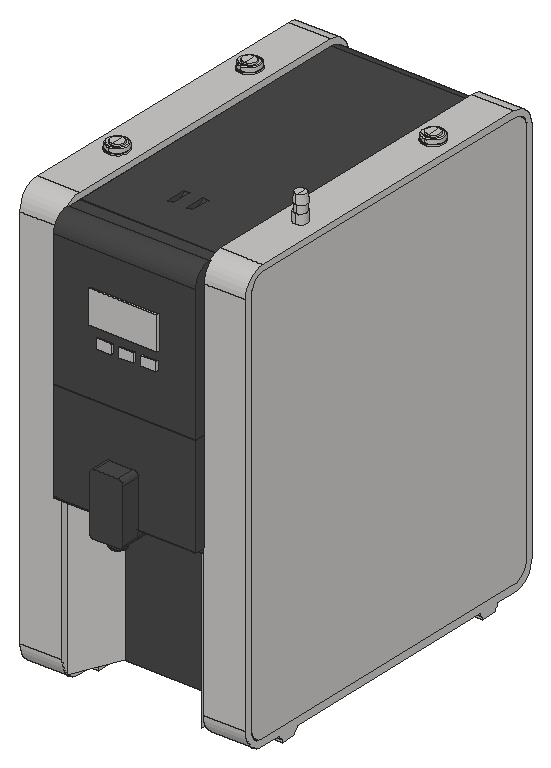
Revit family "QF_Marco_Mix_UC3", category Specialty Equipment, Revit 2019
Family settings
  Round Connector Dimension = Use Diameter
  Part Type = Normal
  Work Plane-Based = No
  Always vertical = Yes
  Cut with Voids When Loaded = No
  Shared = No
  Room Calculation Point = No
Parameters (values of type "UC3")
  Weight in Pounds = 25
  Watts = 2800 W
  Volts = 120 V
  Ventilation Remarks = ""
  URL Cutsheet = ""
  Specification by User = ""
  Specification by Manufacturer = ""
  Serial Number = ""
  Seismic Rating = ""
  SMACNA No = ""
  Revision Code = ""
  Refrigerant Volume = 0.00 kip
  Refrigerant Type = "R290"
  Plumbing Remarks = ""
  Plumbing Connection Type = ""
  Phase = 1
  Number of Poles = 1
  NAFEM Spec ID Number = ""
  Model = "MIX UC3"
  Min Ckt Ampacity = 0 A
  Max Overcurrent Protection = 0 A
  Masterspec = ""
  Manufacturer = "Marco"
  Length = 215.9 mm
  Item Number = ""
  Installed By = ""
  Identify Quantity as Lot = yes
  Hot Water Temperature = 0 °F
  Hot Water Size = 3/4"
  Hot Water RI Height = 0 mm
  Hot Water Minimum Pressure = 0.00 psi
  Hot Water Maximum Pressure = 0.00 psi
  Hot Water Flow = 0 GPM
  Hot Water Consumption = 0 GPM
  Hot Water Connection Height = 0 mm
  Height = 444.5 mm
  HP = "1/8"
  Furnished By = ""
  Foodservice Equipment Identifier = yes
  FL Amps = if(Phase = 3, Watts / (Volts * 1.73), Watts / Volts)  # 23.3333 A
  Exhaust Volume = 0 CFM
  Exhaust Vent Width = 0 mm
  Exhaust Vent Diameter = 19.1 mm
  Exhaust Vent Depth = 0 mm
  Exhaust Static Press = 0.00 in-wg
  Exhaust RI Height = 0 mm
  Electrical Remarks = ""
  Electric Connection Type = ""
  Elec Conn RI Height = 0 mm
  Elec Conn Connection Height = 0 mm
  Description = "Mix Countertop Multi-Temp Water Boilers/Push Button"
  Depth = 352.095 mm
  Cycle = 60 Hz
  Conn Plug = "NEMA L6-20P"
  Conn Conduit = yes
  Cold Water Temperature Recommended = 0 °F
  Cold Water Size = 3/4"
  Cold Water RI Height = 0 mm
  Cold Water Minimum Pressure = 0.00 psi
  Cold Water Maximum Pressure = 0.00 psi
  Cold Water Flow = 0 GPM
  Cold Water Consumption = ""
  Cold Water Connection Height = 0 mm
  Chilled Water Temperature = 0 °F
  Chilled Water Supply Size = 3/4"
  Chilled Water Supply RI Height = 0 mm
  Chilled Water Supply Connection Height = 0 mm
  Chilled Water Return Size = 3/4"
  Chilled Water Return RI Height = 0 mm
  Chilled Water Return Connection Height = 0 mm
  Chilled Water Minimum Pressure = 0.00 psi
  Chilled Water Maximum Pressure = 0.00 psi
  Chilled Water Flow = 0 GPM
  CSI MasterFormat = ""
  BTUH = 0.0 Btu/h
  Apparent Power = if(Phase = 3, Volts * FL Amps * 1.73, Volts * FL Amps)  # 2800 VA
Reference planes
  plane 1 "BACK": y = 0
  plane 2: z = 0
  plane 3 "LEFT": x = 0
  plane 4 "RIGHT": x = 215.9
  plane 5 "FRONT": y = -352.095
  plane 6 "TOP": z = 444.5
  plane 7 "Center Y": x = 107.95
  plane 8 "Center X": y = -176.047
  plane 9: y = 14.755
  plane 10: y = -369.852
  plane 11: z = 419.76
Forms (mm)
  Extrusion 1, solid, material "QF_Metal - Stainless - Polished"
    sketch origin (215.9, 0, 0) x (0, -1, 0) y (0, 0, 1)
      loop
        arc (342.095, 398.708) -> (335.93, 413.59) -> (321.047, 419.76) r 21.047
        line (321.047, 419.76) -> (21.047, 419.733)
        arc (21.047, 419.733) -> (6.165, 413.568) -> (0, 398.685) r 21.047
        line (0, 398.685) -> (0, 27.982)
        arc (0, 27.982) -> (6.153, 13.079) -> (21.047, 6.903) r 21.047
        line (21.047, 6.903) -> (41.047, 6.903) -> (41.047, 5.95)
        arc (41.047, 5.95) -> (41.926, 3.829) -> (44.047, 2.95) r 3
        line (44.047, 2.95) -> (44.047, 0) -> (58.047, 0) -> (58.047, 2.95)
        arc (58.047, 2.95) -> (60.169, 3.829) -> (61.047, 5.95) r 3
        line (61.047, 5.95) -> (61.047, 6.903) -> (281.047, 6.903) -> (281.047, 5.95)
        arc (281.047, 5.95) -> (281.926, 3.829) -> (284.047, 2.95) r 3
        line (284.047, 2.95) -> (284.047, 0) -> (298.047, 0) -> (298.047, 2.95)
        arc (298.047, 2.95) -> (300.169, 3.829) -> (301.047, 5.95) r 3
        line (301.047, 5.95) -> (301.047, 6.903) -> (321.047, 6.903)
        arc (321.047, 6.903) -> (335.932, 13.07) -> (342.095, 27.956) r 21.047
        line (342.095, 27.956) -> (342.095, 398.708)
      loop
        arc (336.437, 398.802) -> (331.946, 409.63) -> (321.108, 414.101) r 15.299
        line (321.108, 414.101) -> (20.947, 414.101)
        arc (20.947, 414.101) -> (10.132, 409.621) -> (5.652, 398.806) r 15.295
        line (5.652, 398.806) -> (5.652, 28.361)
        arc (5.652, 28.361) -> (10.134, 17.541) -> (20.954, 13.059) r 15.302
        line (20.954, 13.059) -> (321.137, 13.059)
        arc (321.137, 13.059) -> (331.956, 17.541) -> (336.437, 28.36) r 15.3
        line (336.437, 28.36) -> (336.437, 398.802)
    from 0 to 40.15
  Extrusion 2, solid, material "QF_Plastic - Black - Smooth"
    sketch origin (210.007, 0, 0) x (0, 1, 0) y (0, 0, -1)
      loop
        arc (-336.437, -398.802) -> (-331.946, -409.63) -> (-321.108, -414.101) r 15.299
        line (-321.108, -414.101) -> (-20.947, -414.101)
        arc (-20.947, -414.101) -> (-10.132, -409.621) -> (-5.652, -398.806) r 15.295
        line (-5.652, -398.806) -> (-5.652, -28.361)
        arc (-5.652, -28.361) -> (-10.134, -17.541) -> (-20.954, -13.059) r 15.302
        line (-20.954, -13.059) -> (-291.987, -13.059) -> (-291.987, -162.97) -> (-336.437, -162.97) -> (-336.437, -398.802)
    from 34.257 to 169.857
  Extrusion 3, solid, material "QF_Plastic - Black - Smooth"
    sketch origin (0, -368.121, 222.55) x (0, 0, -1) y (1, 0, 0)
      loop
        line (4.998, 89) -> (56.314, 89)
        arc (56.314, 89) -> (58.624, 89.957) -> (59.58, 92.266) r 3.266
        line (59.58, 92.266) -> (59.58, 117.723)
        arc (59.58, 117.723) -> (58.621, 120.04) -> (56.304, 121) r 3.277
        line (56.304, 121) -> (4.998, 121)
        spline (4.998, 121) -> (4.347, 120.957) -> (3.707, 120.83) -> (3.089, 120.621) -> (2.504, 120.333) -> (1.961, 119.972) -> (1.47, 119.543) -> (1.039, 119.053) -> (0.676, 118.512) -> (0.386, 117.927) -> (0.174, 117.31) -> (0.045, 116.671) -> (0, 116.02)
        line (0, 116.02) -> (0, 93.98)
        spline (0, 93.98) -> (0.045, 93.329) -> (0.174, 92.69) -> (0.386, 92.073) -> (0.676, 91.488) -> (1.039, 90.947) -> (1.47, 90.457) -> (1.961, 90.028) -> (2.504, 89.667) -> (3.089, 89.379) -> (3.707, 89.169) -> (4.347, 89.043) -> (4.998, 89)
    from 1.731 to -16.026
  Extrusion 4, solid, material "QF_Plastic - Black - Smooth"
    sketch origin (0, -368.121, 222.55) x (0, 0, -1) y (1, 0, 0)
      loop
        line (51, 89) -> (56.314, 89)
        arc (56.314, 89) -> (58.624, 89.957) -> (59.58, 92.266) r 3.266
        line (59.58, 92.266) -> (59.58, 117.723)
        arc (59.58, 117.723) -> (58.621, 120.04) -> (56.304, 121) r 3.277
        line (56.304, 121) -> (51, 121) -> (51, 89)
    from -31.684 to -16.026
  Extrusion 5, solid, material "QF_Metal - Stainless - Polished"
    sketch origin (210.007, 0, 0) x (0, 1, 0) y (0, 0, -1)
      loop
        arc (-336.437, -398.802) -> (-331.946, -409.63) -> (-321.108, -414.101) r 15.299
        line (-321.108, -414.101) -> (-20.947, -414.101)
        arc (-20.947, -414.101) -> (-10.132, -409.621) -> (-5.652, -398.806) r 15.295
        line (-5.652, -398.806) -> (-5.652, -28.361)
        arc (-5.652, -28.361) -> (-10.134, -17.541) -> (-20.954, -13.059) r 15.302
        line (-20.954, -13.059) -> (-321.137, -13.059)
        arc (-321.137, -13.059) -> (-331.956, -17.541) -> (-336.437, -28.36) r 15.3
        line (-336.437, -28.36) -> (-336.437, -398.802)
    from 34.257 to -5.893
  Extrusion 6, solid, material "QF_Metal - Stainless - Polished"
    sketch origin (0, 0, 0) x (0, 1, 0) y (0, 0, 1)
      loop
        line (-336.437, 398.802) -> (-336.437, 28.36)
        arc (-336.437, 28.36) -> (-331.956, 17.541) -> (-321.137, 13.059) r 15.3
        line (-321.137, 13.059) -> (-20.954, 13.059)
        arc (-20.954, 13.059) -> (-10.134, 17.541) -> (-5.652, 28.361) r 15.302
        line (-5.652, 28.361) -> (-5.652, 398.806)
        arc (-5.652, 398.806) -> (-10.132, 409.621) -> (-20.947, 414.101) r 15.295
        line (-20.947, 414.101) -> (-321.108, 414.101)
        arc (-321.108, 414.101) -> (-331.946, 409.63) -> (-336.437, 398.802) r 15.299
    from 40.15 to 0
  Revolve 7, solid, material "QF_Metal - Stainless - Polished"
    sketch origin (92.144, -4572, 87.307) x (0, 0, 1) y (0, -1, 0)
      loop
        line (-35.007, -4575.529) -> (-35.007, -4580.991) -> (-33.951, -4582.048) -> (-2.107, -4583.741) -> (-2.107, -4585.326) -> (0, -4585.326) -> (0, -4575.529) -> (-35.007, -4575.529)
      axis (0, -4575.529) -> (-35.007, -4575.529)
    angle from 0 to 360
  Extrusion 8, solid, material "QF_Metal - Stainless - Polished"
    sketch origin (0, 0, 0) x (0, 1, 0) y (0, 0, 1)
      loop
        line (-5.652, 141.7) -> (-5.652, 116.2) -> (4.503, 116.2)
        arc (4.503, 116.2) -> (6.624, 117.079) -> (7.503, 119.2) r 3
        line (7.503, 119.2) -> (7.503, 122.708)
        arc (7.503, 122.708) -> (7.273, 123.858) -> (6.62, 124.833) r 3
        line (6.62, 124.833) -> (3.918, 127.535)
        arc (3.918, 127.535) -> (3.331, 128.951) -> (3.919, 130.367) r 2
        line (3.919, 130.367) -> (6.619, 133.067)
        arc (6.619, 133.067) -> (7.273, 134.042) -> (7.503, 135.193) r 3
        line (7.503, 135.193) -> (7.503, 138.7)
        arc (7.503, 138.7) -> (6.624, 140.822) -> (4.503, 141.7) r 3
        line (4.503, 141.7) -> (-5.652, 141.7)
    from 153.498 to 156.861
  Extrusion 9, solid, material "QF_Metal - Stainless - Polished"
    sketch origin (0, 0, 0) x (0, 1, 0) y (0, 0, 1)
      loop
        line (-342.095, 398.708) -> (-342.095, 27.956)
        arc (-342.095, 27.956) -> (-335.932, 13.07) -> (-321.047, 6.903) r 21.047
        line (-321.047, 6.903) -> (-301.047, 6.903) -> (-301.047, 5.95)
        arc (-301.047, 5.95) -> (-300.169, 3.829) -> (-298.047, 2.95) r 3
        line (-298.047, 2.95) -> (-298.047, 0) -> (-284.047, 0) -> (-284.047, 2.95)
        arc (-284.047, 2.95) -> (-281.926, 3.829) -> (-281.047, 5.95) r 3
        line (-281.047, 5.95) -> (-281.047, 6.903) -> (-61.047, 6.903) -> (-61.047, 5.95)
        arc (-61.047, 5.95) -> (-60.169, 3.829) -> (-58.047, 2.95) r 3
        line (-58.047, 2.95) -> (-58.047, 0) -> (-44.047, 0) -> (-44.047, 2.95)
        arc (-44.047, 2.95) -> (-41.926, 3.829) -> (-41.047, 5.95) r 3
        line (-41.047, 5.95) -> (-41.047, 6.903) -> (-21.047, 6.903)
        arc (-21.047, 6.903) -> (-6.153, 13.079) -> (0, 27.982) r 21.047
        line (0, 27.982) -> (0, 398.685)
        arc (0, 398.685) -> (-6.165, 413.568) -> (-21.047, 419.733) r 21.047
        line (-21.047, 419.733) -> (-321.047, 419.76)
        arc (-321.047, 419.76) -> (-335.93, 413.59) -> (-342.095, 398.708) r 21.047
      loop
        line (-336.437, 398.802) -> (-336.437, 28.36)
        arc (-336.437, 28.36) -> (-331.956, 17.541) -> (-321.137, 13.059) r 15.3
        line (-321.137, 13.059) -> (-20.954, 13.059)
        arc (-20.954, 13.059) -> (-10.134, 17.541) -> (-5.652, 28.361) r 15.302
        line (-5.652, 28.361) -> (-5.652, 398.806)
        arc (-5.652, 398.806) -> (-10.132, 409.621) -> (-20.947, 414.101) r 15.295
        line (-20.947, 414.101) -> (-321.108, 414.101)
        arc (-321.108, 414.101) -> (-331.946, 409.63) -> (-336.437, 398.802) r 15.299
    from 0 to 40.15
  Revolve 10, solid, material "QF_Plastic - Black - Smooth"
    sketch origin (105.004, 0, 0) x (0, 1, 0) y (0, 0, 1)
      loop
        line (-355.847, 154.75) -> (-355.847, 167.647) -> (-365.792, 167.647) -> (-363.347, 158.525) -> (-363.347, 155.508)
        arc (-363.347, 155.508) -> (-363.126, 154.972) -> (-362.59, 154.75) r 0.757
        line (-362.59, 154.75) -> (-355.847, 154.75)
      axis (-355.847, 154.75) -> (-355.847, 167.647)
    angle from 0 to 360
  Extrusion 11, solid, material "QF_Metal - Stainless - Polished"
    sketch origin (0, 0, 0) x (1, 0, 0) y (0, 1, 0)
      loop
        line (40.257, -336.318) -> (60.215, -291.987) -> (40.257, -291.987) -> (40.257, -336.318)
      loop
        line (169.75, -336.318) -> (169.75, -291.987) -> (149.792, -291.987) -> (169.75, -336.318)
    from 162.97 to 13.059
  Extrusion 12, solid, material "QF_Metal - Stainless - Polished"
    sketch origin (210.007, 15.516, 28.361) x (0, 0, 1) y (1, 0, 0)
      loop
        line (108.689, -157.509) -> (108.689, -103.756)
        arc (108.689, -103.756) -> (106.829, -99.265) -> (102.339, -97.406) r 6.35
        line (102.339, -97.406) -> (64.946, -97.406)
        arc (64.946, -97.406) -> (60.456, -99.265) -> (58.596, -103.756) r 6.35
        line (58.596, -103.756) -> (58.596, -157.509)
        arc (58.596, -157.509) -> (60.456, -161.999) -> (64.946, -163.859) r 6.35
        line (64.946, -163.859) -> (102.339, -163.859)
        arc (102.339, -163.859) -> (106.829, -161.999) -> (108.689, -157.509) r 6.35
      loop
        line (100.089, -156.756) -> (100.089, -135.76)
        arc (100.089, -135.76) -> (99.505, -134.344) -> (98.09, -133.757) r 2
        line (98.09, -133.757) -> (70.088, -133.757)
        arc (70.088, -133.757) -> (68.674, -134.344) -> (68.089, -135.757) r 2
        line (68.089, -135.757) -> (68.089, -156.757)
        arc (68.089, -156.757) -> (68.675, -158.171) -> (70.089, -158.757) r 2
        line (70.089, -158.757) -> (98.089, -158.757)
        arc (98.089, -158.757) -> (99.503, -158.171) -> (100.089, -156.756) r 2.001
    from -21.168 to -0.76
  Extrusion 13, solid, material "QF_Metal - Stainless - Polished"
    sketch origin (210.007, 15.516, 28.361) x (0, 0, 1) y (1, 0, 0)
      loop
        line (100.089, -156.756) -> (100.089, -135.76)
        arc (100.089, -135.76) -> (99.505, -134.344) -> (98.09, -133.757) r 2
        line (98.09, -133.757) -> (70.088, -133.757)
        arc (70.088, -133.757) -> (68.674, -134.344) -> (68.089, -135.757) r 2
        line (68.089, -135.757) -> (68.089, -156.757)
        arc (68.089, -156.757) -> (68.675, -158.171) -> (70.089, -158.757) r 2
        line (70.089, -158.757) -> (98.089, -158.757)
        arc (98.089, -158.757) -> (99.503, -158.171) -> (100.089, -156.756) r 2.001
    from -21.168 to -0.76
  Extrusion 14, solid, material "QF_Metal - Stainless - Polished"
    sketch origin (0, -5.652, 141.7) x (0, 0, -1) y (1, 0, 0)
      loop
        circle (12.75, 155) r 13.963
    from 0 to -3.175
  Extrusion 15, void
    sketch origin (186.988, 0, -172.237) x (0, 1, 0) y (0, 0, -1)
      loop
        line (-281.35, -586.338) -> (-262.3, -586.338)
        arc (-262.3, -586.338) -> (-271.825, -581.762) -> (-281.35, -586.338) r 12.201
    from 70.258 to 75.566
  Revolve 16, solid, material "QF_Metal - Stainless - Polished"
    sketch origin (195.825, -4413.518, 414.101) x (0, 0, -1) y (0, 1, 0)
      loop
        line (-12.523, 4320.953) -> (-12.523, 4314.571) -> (-11.495, 4314.571) -> (-11.495, 4311.953) -> (-10.567, 4311.024) -> (-7.213, 4311.024) -> (-6.513, 4310.453) -> (-5.66, 4310.453) -> (-5.66, 4320.953) -> (-12.523, 4320.953)
      axis (-5.66, 4320.953) -> (-12.523, 4320.953)
    angle from 0 to 360
  Revolve 17, solid, material "QF_Metal - Stainless - Polished"
    sketch origin (20.075, -4413.518, 414.101) x (0, 0, -1) y (0, -1, 0)
      loop
        line (-12.523, -4320.953) -> (-5.66, -4320.953) -> (-5.66, -4310.453) -> (-6.513, -4310.453) -> (-7.213, -4311.024) -> (-10.567, -4311.024) -> (-11.495, -4311.953) -> (-11.495, -4314.571) -> (-12.523, -4314.571) -> (-12.523, -4320.953)
      axis (-5.66, -4320.953) -> (-12.523, -4320.953)
    angle from 0 to 360
  Revolve 18, solid, material "QF_Metal - Stainless - Polished"
    sketch origin (195.825, -4572, 414.101) x (0, 0, -1) y (0, 1, 0)
      loop
        line (-30.399, 4315.453) -> (-22.399, 4314.753) -> (-22.399, 4315.651) -> (-14.399, 4315.651) -> (-14.399, 4314.603) -> (-5.66, 4314.603) -> (-5.66, 4320.953) -> (-30.399, 4320.953) -> (-30.399, 4315.453)
      axis (-5.66, 4320.953) -> (-30.399, 4320.953)
    angle from 0 to 360
  Revolve 19, solid, material "QF_Metal - Stainless - Polished"
    sketch origin (20.075, -4572, 414.101) x (0, 0, -1) y (0, -1, 0)
      loop
        line (-12.523, -4320.953) -> (-5.66, -4320.953) -> (-5.66, -4310.453) -> (-6.513, -4310.453) -> (-7.213, -4311.024) -> (-10.567, -4311.024) -> (-11.495, -4311.953) -> (-11.495, -4314.571) -> (-12.523, -4314.571) -> (-12.523, -4320.953)
      axis (-5.66, -4320.953) -> (-12.523, -4320.953)
    angle from 0 to 360
  Extrusion 20, solid, material "QF_Plastic - Black - Smooth"
    sketch origin (210.007, 0, -172.237) x (0, 1, 0) y (0, 0, -1)
      loop
        arc (-321.108, -586.338) -> (-331.946, -581.868) -> (-336.437, -571.039) r 15.299
        line (-336.437, -571.039) -> (-336.437, -441.55) -> (-352.095, -441.55) -> (-352.095, -569.95)
        arc (-352.095, -569.95) -> (-347.116, -581.971) -> (-335.095, -586.95) r 17
        line (-335.095, -586.95) -> (-321.108, -586.338)
      loop
        line (-352.095, -440.448) -> (-336.437, -440.448) -> (-336.437, -343.273) -> (-351.18, -343.788)
        arc (-351.18, -343.788) -> (-351.829, -344.077) -> (-352.095, -344.735) r 0.948
        line (-352.095, -344.735) -> (-352.095, -440.448)
    from 169.857 to 34.257
  Extrusion 21, void
    sketch origin (23.019, 0, -172.237) x (0, 1, 0) y (0, 0, 1)
      loop
        arc (-281.35, 586.338) -> (-271.825, 581.762) -> (-262.3, 586.338) r 12.201
        line (-262.3, 586.338) -> (-281.35, 586.338)
    from 70.258 to 75.566
  Extrusion 22, solid, material "QF_Metal - Stainless - Polished Brushed"
    sketch origin (210.007, -352.095, -325.164) x (0, 0, 1) y (-1, 0, 0)
      loop
        line (690.077, 134.607) -> (657.986, 134.607) -> (657.986, 69.623) -> (690.077, 69.623) -> (690.077, 134.607)
      loop
        line (649.435, 113.507) -> (649.435, 127.125)
        spline (649.435, 127.125) -> (649.43, 127.19) -> (649.417, 127.254) -> (649.396, 127.315) -> (649.367, 127.374) -> (649.33, 127.428) -> (649.287, 127.477) -> (649.238, 127.52) -> (649.184, 127.556) -> (649.125, 127.584) -> (649.063, 127.605) -> (648.999, 127.618) -> (648.934, 127.622)
        line (648.934, 127.622) -> (640.819, 127.622)
        spline (640.819, 127.622) -> (640.754, 127.618) -> (640.69, 127.605) -> (640.628, 127.584) -> (640.569, 127.555) -> (640.515, 127.519) -> (640.465, 127.476) -> (640.422, 127.427) -> (640.386, 127.372) -> (640.357, 127.314) -> (640.336, 127.252) -> (640.323, 127.188) -> (640.319, 127.122)
        line (640.319, 127.122) -> (640.319, 113.507)
        spline (640.319, 113.507) -> (640.323, 113.441) -> (640.336, 113.377) -> (640.357, 113.315) -> (640.386, 113.257) -> (640.422, 113.202) -> (640.465, 113.153) -> (640.515, 113.11) -> (640.569, 113.074) -> (640.628, 113.045) -> (640.69, 113.024) -> (640.754, 113.011) -> (640.819, 113.007)
        line (640.819, 113.007) -> (648.935, 113.007)
        spline (648.935, 113.007) -> (649, 113.011) -> (649.064, 113.024) -> (649.126, 113.045) -> (649.185, 113.074) -> (649.239, 113.11) -> (649.288, 113.153) -> (649.331, 113.202) -> (649.368, 113.257) -> (649.396, 113.315) -> (649.417, 113.377) -> (649.43, 113.441) -> (649.435, 113.507)
      loop
        line (649.435, 92.307) -> (649.435, 105.925)
        spline (649.435, 105.925) -> (649.43, 105.99) -> (649.417, 106.054) -> (649.396, 106.115) -> (649.367, 106.174) -> (649.33, 106.228) -> (649.287, 106.277) -> (649.238, 106.32) -> (649.184, 106.356) -> (649.125, 106.384) -> (649.064, 106.405) -> (649, 106.418) -> (648.935, 106.422)
        line (648.935, 106.422) -> (640.819, 106.422)
        spline (640.819, 106.422) -> (640.754, 106.418) -> (640.69, 106.405) -> (640.628, 106.384) -> (640.569, 106.355) -> (640.515, 106.319) -> (640.465, 106.276) -> (640.422, 106.227) -> (640.386, 106.172) -> (640.357, 106.114) -> (640.336, 106.052) -> (640.323, 105.988) -> (640.319, 105.922)
        line (640.319, 105.922) -> (640.319, 92.307)
        spline (640.319, 92.307) -> (640.323, 92.241) -> (640.336, 92.177) -> (640.357, 92.115) -> (640.386, 92.057) -> (640.422, 92.002) -> (640.465, 91.953) -> (640.515, 91.91) -> (640.569, 91.874) -> (640.628, 91.845) -> (640.69, 91.824) -> (640.754, 91.811) -> (640.819, 91.807)
        line (640.819, 91.807) -> (648.935, 91.807)
        spline (648.935, 91.807) -> (649, 91.811) -> (649.064, 91.824) -> (649.126, 91.845) -> (649.185, 91.874) -> (649.239, 91.91) -> (649.288, 91.953) -> (649.331, 92.002) -> (649.368, 92.057) -> (649.397, 92.115) -> (649.418, 92.177) -> (649.43, 92.241) -> (649.435, 92.307)
      loop
        line (649.435, 71.107) -> (649.435, 84.725)
        spline (649.435, 84.725) -> (649.43, 84.79) -> (649.417, 84.854) -> (649.396, 84.915) -> (649.367, 84.974) -> (649.33, 85.028) -> (649.287, 85.077) -> (649.238, 85.12) -> (649.184, 85.156) -> (649.125, 85.184) -> (649.064, 85.205) -> (649, 85.218) -> (648.935, 85.222)
        line (648.935, 85.222) -> (640.819, 85.222)
        spline (640.819, 85.222) -> (640.754, 85.218) -> (640.69, 85.205) -> (640.628, 85.184) -> (640.569, 85.155) -> (640.515, 85.119) -> (640.465, 85.076) -> (640.422, 85.027) -> (640.386, 84.972) -> (640.357, 84.914) -> (640.336, 84.852) -> (640.323, 84.787) -> (640.319, 84.722)
        line (640.319, 84.722) -> (640.319, 71.107)
        spline (640.319, 71.107) -> (640.323, 71.041) -> (640.336, 70.977) -> (640.357, 70.915) -> (640.386, 70.857) -> (640.422, 70.802) -> (640.465, 70.753) -> (640.514, 70.71) -> (640.569, 70.674) -> (640.627, 70.645) -> (640.689, 70.624) -> (640.753, 70.611) -> (640.819, 70.607)
        line (640.819, 70.607) -> (648.935, 70.607)
        spline (648.935, 70.607) -> (649, 70.611) -> (649.064, 70.624) -> (649.126, 70.645) -> (649.185, 70.674) -> (649.239, 70.71) -> (649.288, 70.753) -> (649.331, 70.802) -> (649.368, 70.857) -> (649.396, 70.915) -> (649.417, 70.977) -> (649.43, 71.041) -> (649.435, 71.107)
    from 0 to 1.6
  Extrusion 23, solid, material "QF_Metal - Stainless - Polished"
    sketch origin (210.007, -291.987, 162.97) x (0, 0, -1) y (1, 0, 0)
      loop
        line (11.637, -61.88) -> (0, -54.322) -> (0, -105.004) -> (0, -151) -> (11.637, -143.442) -> (11.637, -105.004) -> (11.637, -61.88)
      loop
        circle (6.039, -65.684) r 2.591
      loop
        circle (6.039, -138.431) r 2.591
    from 0 to 3.175
Cuts and joins
  Extrusion 15, Extrusion 21 cuts Extrusion 2
Lines and regions (mm)
  symbolic lines
    curve 1: line (0, 0, 0) -> (40.15, 0, 0)
    curve 2: line (0, -342.095, 0) -> (0, 0, 0)
    curve 3: line (40.15, -342.095, 0) -> (0, -342.095, 0)
    curve 4: line (40.15, 0, 0) -> (40.15, -342.095, 0)
    curve 5: line (172.804, -342.095, 0) -> (215.9, -342.095, 0)
    curve 6: line (172.804, 0, 0) -> (172.804, -342.095, 0)
    curve 7: line (215.9, 0, 0) -> (172.804, 0, 0)
    curve 8: line (215.9, -342.095, 0) -> (215.9, 0, 0)
    curve 9: line (40.15, -342.095, 0) -> (40.15, -352.095, 0)
    curve 10: line (172.804, -342.095, 0) -> (172.804, -352.095, 0)
    curve 11: line (40.15, -352.095, 0) -> (172.804, -352.095, 0)
    curve 12: line (40.15, -321.137, 0) -> (172.804, -321.137, 0)
    curve 13: line (96.223, -262.3, 0) -> (101.531, -262.3, 0)
    curve 14: line (96.223, -281.35, 0) -> (96.223, -262.3, 0)
    curve 15: line (101.531, -281.35, 0) -> (96.223, -281.35, 0)
    curve 16: line (101.531, -262.3, 0) -> (101.531, -281.35, 0)
    curve 17: line (114.369, -262.3, 0) -> (119.677, -262.3, 0)
    curve 18: line (114.369, -281.35, 0) -> (114.369, -262.3, 0)
    curve 19: line (119.677, -281.35, 0) -> (114.369, -281.35, 0)
    curve 20: line (119.677, -262.3, 0) -> (119.677, -281.35, 0)
    curve 21: line (40.15, -335.095, 0) -> (172.804, -335.095, 0)
    curve 22: line (40.15, -5.652, 0) -> (172.804, -5.652, 0)
    curve 23: line (91.946, -369.852, 0) -> (91.946, -353.695, 0)
    curve 24: line (91.946, -369.852, 0) -> (123.946, -369.852, 0)
    curve 25: line (123.946, -369.852, 0) -> (123.946, -353.695, 0)
    curve 26: line (78.346, -353.695, 0) -> (137.438, -353.695, 0)
    curve 27: line (137.438, -353.695, 0) -> (137.438, -352.095, 0)
    curve 28: line (78.346, -353.695, 0) -> (78.346, -352.095, 0)
    curve 29: circle (20.075, -251.047, 0) r 9.928 normal (0, 0, 1)
    curve 30: circle (195.825, -251.047, 0) r 6.35 normal (0, 0, 1)
    curve 31: circle (20.075, -92.566, 0) r 10.5 normal (0, 0, 1)
    curve 32: circle (195.825, -92.566, 0) r 10.5 normal (0, 0, 1)
    curve 33: line (46.148, 14.755, 0) -> (115.548, 14.755, 0)
    curve 34: line (115.548, 14.755, 0) -> (115.548, -5.652, 0)
    curve 35: line (46.148, 14.755, 0) -> (46.148, -5.652, 0)
    curve 36: line (143.983, -2.477, 0) -> (171.91, -2.477, 0)
    curve 37: line (171.91, -2.477, 0) -> (171.91, -5.652, 0)
    curve 38: line (143.983, -2.477, 0) -> (143.983, -5.652, 0)
    curve 39: line (156.445, 7.503, 0) -> (156.445, -2.477, 0)
    curve 40: line (159.808, 7.503, 0) -> (159.808, -2.477, 0)
    curve 41: line (156.445, 7.503, 0) -> (159.808, 7.503, 0)
Dimensions and locks
  equal spacing: plane 3 "LEFT", plane 7 "Center Y", plane 4 "RIGHT"
  "Length": plane 3 "LEFT" to plane 4 "RIGHT"
  equal spacing: plane 5 "FRONT", plane 8 "Center X", plane 1 "BACK"
  "Depth": plane 5 "FRONT" to plane 1 "BACK"
  "Height": plane 6 "TOP" to level
  plane 10 to plane 9 = 384.607 mm
  plane 4 "RIGHT" to plane 3 "LEFT" = 215.9 mm
  aligned and locked: plane 2 to level
Automatic sketch dimensions
  curve 3 to plane 3 "LEFT" = 0 mm
  plane 5 "FRONT" to curve 11 = 0 mm
  curve 35 to plane 9 = 0 mm
  curve 24 to plane 10 = 0 mm
  curve 8 to plane 4 "RIGHT" = 0 mm
  plane 3 "LEFT" to curve 29 = 20.075 mm
  plane 3 "LEFT" to curve 31 = 20.075 mm
  curve 4 to plane 1 "BACK" = 0 mm
  plane 3 "LEFT" to curve 4 = 40.15 mm
  curve 1 to curve 35 = 5.998 mm
  plane 5 "FRONT" to curve 28 = 1.6 mm
  curve 28 to plane 7 "Center Y" = 29.604 mm
  curve 24 to plane 7 "Center Y" = 16.004 mm
  curve 14 to plane 7 "Center Y" = 11.727 mm
  curve 14 to curve 15 = 5.308 mm
  plane 7 "Center Y" to curve 17 = 6.419 mm
  plane 7 "Center Y" to curve 34 = 7.598 mm
  curve 18 to curve 19 = 5.308 mm
  plane 7 "Center Y" to curve 25 = 15.996 mm
  curve 25 to curve 26 = 13.491 mm
  plane 1 "BACK" to curve 36 = 2.477 mm
  curve 34 to curve 36 = 28.435 mm
  curve 36 to curve 37 = 27.926 mm
  curve 6 to plane 1 "BACK" = 0 mm
  curve 36 to curve 6 = 0.894 mm
  plane 4 "RIGHT" to curve 32 = 20.075 mm
  plane 4 "RIGHT" to curve 30 = 20.075 mm
  curve 9 to plane 5 "FRONT" = 10 mm
  curve 10 to plane 5 "FRONT" = 10 mm
  curve 20 to plane 5 "FRONT" = 70.744 mm
  curve 16 to curve 18 = 0 mm
  curve 19 to curve 17 = 19.05 mm
  curve 14 to curve 17 = 0 mm
  curve 17 to curve 30 = 11.253 mm
  curve 13 to curve 29 = 11.253 mm
  plane 8 "Center X" to curve 32 = 83.482 mm
  plane 8 "Center X" to curve 31 = 83.482 mm
  curve 39 to plane 9 = 7.253 mm
  curve 36 to curve 39 = 12.462 mm
  curve 39 to curve 40 = 3.363 mm
  curve 5 to curve 21 = 7 mm
  curve 21 to curve 12 = 13.958 mm
  plane 1 "BACK" to curve 35 = 5.652 mm
  Extrusion 2 sketch curve to plane 5 "FRONT" = 15.658 mm
  Extrusion 2 sketch curve to Extrusion 2 sketch curve = 15.299 mm
  Extrusion 2 sketch curve to Extrusion 2 sketch curve = 0.03 mm
  Extrusion 2 sketch curve to Extrusion 2 sketch curve = 44.45 mm
  plane 1 "BACK" to Extrusion 2 sketch curve = 20.954 mm
  plane 1 "BACK" to Extrusion 2 sketch curve = 20.947 mm
  plane 1 "BACK" to Extrusion 2 sketch curve = 5.652 mm
  Extrusion 2 sketch curve to plane 6 "TOP" = 30.399 mm
  level to Extrusion 2 sketch curve = 162.97 mm
  level to Extrusion 2 sketch curve = 28.361 mm
  plane 7 "Center Y" to Extrusion 3 sketch curve = 8.07 mm
  Extrusion 3 sketch curve to plane 6 "TOP" = 221.95 mm
  plane 7 "Center Y" to Extrusion 3 sketch curve = 9.773 mm
  Extrusion 3 sketch curve to Extrusion 3 sketch curve = 56.304 mm
  Extrusion 3 sketch curve to Extrusion 3 sketch curve = 0.011 mm
  Extrusion 3 sketch curve to Extrusion 3 sketch curve = 3.277 mm
  Extrusion 3 sketch curve to plane 7 "Center Y" = 13.97 mm
  Extrusion 3 sketch curve to plane 7 "Center Y" = 15.684 mm
  Extrusion 3 sketch curve to Extrusion 3 sketch curve = 4.998 mm  (x2)
  Extrusion 3 sketch curve to Extrusion 3 sketch curve = 0 mm  (x2)
  Extrusion 3 sketch curve to Extrusion 3 sketch curve = 0.003 mm  (x2)
  plane 7 "Center Y" to Extrusion 3 sketch curve = 4.51 mm
  Extrusion 3 sketch curve to Extrusion 3 sketch curve = 3.538 mm  (x2)
  Extrusion 3 sketch curve to Extrusion 3 sketch curve = 8.54 mm
  Extrusion 4 sketch curve to plane 7 "Center Y" = 18.95 mm
  level to Extrusion 4 sketch curve = 171.55 mm
  Extrusion 4 sketch curve to Extrusion 4 sketch curve = 5.304 mm
  Extrusion 4 sketch curve to Extrusion 4 sketch curve = 5.314 mm
  Extrusion 4 sketch curve to Extrusion 4 sketch curve = 3.277 mm
  plane 7 "Center Y" to Extrusion 4 sketch curve = 9.773 mm
  Extrusion 5 sketch curve to plane 5 "FRONT" = 15.658 mm
  Extrusion 5 sketch curve to Extrusion 5 sketch curve = 15.299 mm
  level to Extrusion 5 sketch curve = 13.059 mm
  Extrusion 5 sketch curve to Extrusion 5 sketch curve = 15.3 mm
  Extrusion 5 sketch curve to Extrusion 5 sketch curve = 0.03 mm
  plane 1 "BACK" to Extrusion 5 sketch curve = 20.954 mm
  plane 1 "BACK" to Extrusion 5 sketch curve = 20.947 mm
  plane 1 "BACK" to Extrusion 5 sketch curve = 5.652 mm
  Extrusion 5 sketch curve to plane 6 "TOP" = 45.698 mm
  Extrusion 6 sketch curve to plane 5 "FRONT" = 15.658 mm
  Extrusion 6 sketch curve to Extrusion 6 sketch curve = 15.299 mm
  level to Extrusion 6 sketch curve = 13.059 mm
  Extrusion 6 sketch curve to Extrusion 6 sketch curve = 15.3 mm
  Extrusion 6 sketch curve to Extrusion 6 sketch curve = 0.03 mm
  plane 1 "BACK" to Extrusion 6 sketch curve = 20.954 mm
  plane 1 "BACK" to Extrusion 6 sketch curve = 20.947 mm
  plane 1 "BACK" to Extrusion 6 sketch curve = 5.652 mm
  Extrusion 6 sketch curve to plane 6 "TOP" = 45.698 mm
  Revolve 7 sketch curve to plane 1 "BACK" = 3.529 mm
  level to Revolve 7 sketch curve = 52.3 mm
  Revolve 7 sketch curve to plane 9 = 4.708 mm
  Revolve 7 sketch curve to Revolve 7 sketch curve = 1.056 mm  (x2)
  Revolve 7 sketch curve to plane 9 = 3.014 mm
  Revolve 7 sketch curve to Revolve 7 sketch curve = 31.844 mm
  Revolve 7 sketch curve to Revolve 7 sketch curve = 2.107 mm
  Revolve 7 sketch curve to plane 9 = 1.429 mm
  Revolve 7 sketch curve to Revolve 7 sketch curve = 0 mm  (x2)
  Revolve 7 sketch curve to Revolve 7 sketch curve = 3.604 mm
  plane 1 "BACK" to Extrusion 8 sketch curve = 5.652 mm
  Extrusion 8 sketch curve to plane 1 "BACK" = 3.918 mm
  Extrusion 8 sketch curve to Extrusion 8 sketch curve = 0.001 mm
  Extrusion 8 sketch curve to plane 1 "BACK" = 4.503 mm  (x2)
  Extrusion 8 sketch curve to Extrusion 8 sketch curve = 0 mm  (x10)
  Extrusion 8 sketch curve to Extrusion 8 sketch curve = 1.413 mm
  Extrusion 8 sketch curve to Extrusion 8 sketch curve = 2.116 mm
  Extrusion 8 sketch curve to Extrusion 8 sketch curve = 2.118 mm
  level to Extrusion 8 sketch curve = 116.2 mm
  Extrusion 8 sketch curve to Extrusion 8 sketch curve = 3 mm  (x4)
  Extrusion 8 sketch curve to Extrusion 8 sketch curve = 3.507 mm  (x2)
  Extrusion 8 sketch curve to Extrusion 8 sketch curve = 2.125 mm
  Extrusion 8 sketch curve to Extrusion 8 sketch curve = 2.702 mm
  Extrusion 8 sketch curve to Extrusion 8 sketch curve = 1.415 mm
  Extrusion 8 sketch curve to Extrusion 8 sketch curve = 2.7 mm
  Extrusion 8 sketch curve to Extrusion 8 sketch curve = 2.126 mm
  Extrusion 9 sketch curve to level = 0 mm  (x2)
  Extrusion 9 sketch curve to plane 5 "FRONT" = 10 mm
  Extrusion 9 sketch curve to Extrusion 9 sketch curve = 5.658 mm
  Extrusion 9 sketch curve to Extrusion 9 sketch curve = 15.299 mm
  level to Extrusion 9 sketch curve = 13.059 mm
  Extrusion 9 sketch curve to Extrusion 9 sketch curve = 15.3 mm
  Extrusion 9 sketch curve to Extrusion 9 sketch curve = 0.03 mm
  Extrusion 9 sketch curve to Extrusion 9 sketch curve = 0.09 mm
  Extrusion 9 sketch curve to Extrusion 9 sketch curve = 0.091 mm
  level to Extrusion 9 sketch curve = 6.903 mm  (x2)
  Extrusion 9 sketch curve to Extrusion 9 sketch curve = 20 mm  (x2)
  Extrusion 9 sketch curve to Extrusion 9 sketch curve = 3 mm  (x4)
  Extrusion 9 sketch curve to Extrusion 9 sketch curve = 14 mm  (x2)
  plane 1 "BACK" to Extrusion 9 sketch curve = 61.047 mm
  level to Extrusion 9 sketch curve = 5.95 mm
  plane 1 "BACK" to Extrusion 9 sketch curve = 21.047 mm
  Extrusion 9 sketch curve to Extrusion 9 sketch curve = 0.093 mm
  Extrusion 9 sketch curve to Extrusion 9 sketch curve = 0.1 mm
  plane 1 "BACK" to Extrusion 9 sketch curve = 5.652 mm
  Extrusion 9 sketch curve to plane 1 "BACK" = 0 mm
  level to Extrusion 9 sketch curve = 2.95 mm  (x3)
  Extrusion 9 sketch curve to Extrusion 9 sketch curve = 6.156 mm
  Extrusion 9 sketch curve to Extrusion 9 sketch curve = 0.411 mm
  Extrusion 9 sketch curve to Extrusion 9 sketch curve = 0.409 mm
  Extrusion 9 sketch curve to plane 6 "TOP" = 45.815 mm
  Extrusion 9 sketch curve to plane 6 "TOP" = 45.792 mm
  Extrusion 9 sketch curve to Extrusion 9 sketch curve = 0.094 mm
  Extrusion 9 sketch curve to Extrusion 9 sketch curve = 0 mm  (x2)
  Extrusion 9 sketch curve to Extrusion 9 sketch curve = 0.005 mm
  plane 10 to Revolve 10 sketch curve = 4.06 mm
  plane 10 to Revolve 10 sketch curve = 6.504 mm
  Revolve 10 sketch curve to Revolve 10 sketch curve = 0.757 mm
  plane 5 "FRONT" to Revolve 10 sketch curve = 3.753 mm
  level to Revolve 10 sketch curve = 154.75 mm
  Revolve 10 sketch curve to Revolve 10 sketch curve = 3.018 mm
  Revolve 10 sketch curve to Revolve 10 sketch curve = 9.122 mm
  Revolve 10 sketch curve to Revolve 10 sketch curve = 0 mm  (x2)
  Revolve 10 sketch curve to Revolve 10 sketch curve = 5.635 mm
  Extrusion 11 sketch curve to plane 5 "FRONT" = 15.777 mm  (x2)
  plane 3 "LEFT" to Extrusion 11 sketch curve = 40.257 mm
  Extrusion 11 sketch curve to Extrusion 11 sketch curve = 19.958 mm  (x2)
  plane 7 "Center Y" to Extrusion 11 sketch curve = 41.842 mm
  Extrusion 11 sketch curve to Extrusion 11 sketch curve = 44.331 mm  (x2)
  level to Extrusion 12 sketch curve = 86.957 mm
  plane 7 "Center Y" to Extrusion 12 sketch curve = 4.652 mm
  Extrusion 12 sketch curve to Extrusion 12 sketch curve = 6.35 mm  (x2)
  Extrusion 12 sketch curve to Extrusion 12 sketch curve = 3.143 mm
  Extrusion 12 sketch curve to Extrusion 12 sketch curve = 1.998 mm
  Extrusion 12 sketch curve to Extrusion 12 sketch curve = 2 mm  (x4)
  Extrusion 12 sketch curve to Extrusion 12 sketch curve = 0.001 mm  (x2)
  Extrusion 12 sketch curve to Extrusion 12 sketch curve = 28 mm
  Extrusion 12 sketch curve to Extrusion 12 sketch curve = 0 mm
  Extrusion 12 sketch curve to Extrusion 12 sketch curve = 2.25 mm
  Extrusion 12 sketch curve to Extrusion 12 sketch curve = 4.249 mm
  Extrusion 12 sketch curve to plane 7 "Center Y" = 1.698 mm
  Extrusion 12 sketch curve to Extrusion 12 sketch curve = 30.002 mm
  Extrusion 12 sketch curve to Extrusion 12 sketch curve = 20.996 mm
  Extrusion 12 sketch curve to Extrusion 12 sketch curve = 0.752 mm
  level to Extrusion 13 sketch curve = 96.45 mm
  Extrusion 13 sketch curve to Extrusion 13 sketch curve = 1.998 mm
  Extrusion 13 sketch curve to Extrusion 13 sketch curve = 2 mm  (x3)
  Extrusion 13 sketch curve to Extrusion 13 sketch curve = 28 mm
  Extrusion 13 sketch curve to Extrusion 13 sketch curve = 0 mm
  Extrusion 13 sketch curve to Extrusion 13 sketch curve = 0.001 mm
  Extrusion 13 sketch curve to Extrusion 13 sketch curve = 2.001 mm
  plane 3 "LEFT" to Extrusion 13 sketch curve = 51.25 mm
  Extrusion 13 sketch curve to Extrusion 13 sketch curve = 20.996 mm
  Extrusion 13 sketch curve to Extrusion 13 sketch curve = 21 mm
  Extrusion 8 to Extrusion 14 sketch curve = 1.502 mm
  Extrusion 8 to Extrusion 14 sketch curve = 12.75 mm
  Extrusion 15 sketch curve to plane 6 "TOP" = 30.399 mm
  Extrusion 15 sketch curve to plane 5 "FRONT" = 70.744 mm
  Extrusion 15 sketch curve to Extrusion 15 sketch curve = 9.525 mm
  Extrusion 15 sketch curve to Extrusion 15 sketch curve = 7.626 mm
  Revolve 16 sketch curve to plane 6 "TOP" = 17.876 mm
  Revolve 16 sketch curve to Revolve 16 sketch curve = 1.028 mm
  Revolve 16 sketch curve to Revolve 16 sketch curve = 0.928 mm  (x2)
  Revolve 16 sketch curve to Revolve 16 sketch curve = 3.353 mm
  Revolve 16 sketch curve to Revolve 16 sketch curve = 0.7 mm
  Revolve 16 sketch curve to Revolve 16 sketch curve = 0.854 mm
  plane 8 "Center X" to Revolve 16 sketch curve = 72.982 mm
  Revolve 16 sketch curve to Revolve 16 sketch curve = 0.572 mm
  Revolve 16 sketch curve to Revolve 16 sketch curve = 2.619 mm
  Revolve 16 sketch curve to Revolve 16 sketch curve = 6.381 mm
  Revolve 16 sketch curve to Revolve 16 sketch curve = 1.876 mm
  plane 6 "TOP" to Revolve 16 sketch curve = 1.891 mm
  Revolve 16 sketch curve to Revolve 16 sketch curve = 0 mm
  Revolve 17 sketch curve to plane 6 "TOP" = 17.876 mm
  Revolve 17 sketch curve to Revolve 17 sketch curve = 1.028 mm
  Revolve 17 sketch curve to Revolve 17 sketch curve = 0.928 mm  (x2)
  Revolve 17 sketch curve to Revolve 17 sketch curve = 3.353 mm
  Revolve 17 sketch curve to Revolve 17 sketch curve = 0.7 mm
  Revolve 17 sketch curve to Revolve 17 sketch curve = 0.854 mm
  plane 8 "Center X" to Revolve 17 sketch curve = 83.482 mm
  Revolve 17 sketch curve to Revolve 17 sketch curve = 6.381 mm
  Revolve 17 sketch curve to Revolve 17 sketch curve = 2.619 mm
  Revolve 17 sketch curve to Revolve 17 sketch curve = 0.572 mm
  Revolve 17 sketch curve to Revolve 17 sketch curve = 1.876 mm
  plane 6 "TOP" to Revolve 17 sketch curve = 1.891 mm
  Revolve 17 sketch curve to Revolve 17 sketch curve = 0 mm
  Revolve 18 sketch curve to plane 6 "TOP" = 0 mm  (x2)
  Revolve 18 sketch curve to plane 6 "TOP" = 8 mm
  Revolve 18 sketch curve to Revolve 18 sketch curve = 8 mm
  Revolve 18 sketch curve to Revolve 18 sketch curve = 8.74 mm
  Revolve 18 sketch curve to plane 8 "Center X" = 81.35 mm
  Revolve 18 sketch curve to Revolve 18 sketch curve = 0.15 mm
  Revolve 18 sketch curve to Revolve 18 sketch curve = 0.7 mm
  Revolve 18 sketch curve to Revolve 18 sketch curve = 0.898 mm
  Revolve 18 sketch curve to Revolve 18 sketch curve = 6.35 mm
  Revolve 18 sketch curve to Revolve 18 sketch curve = 1.891 mm
  Revolve 18 sketch curve to Revolve 18 sketch curve = 0 mm
  Revolve 19 sketch curve to plane 6 "TOP" = 17.876 mm
  Revolve 19 sketch curve to Revolve 19 sketch curve = 1.028 mm
  Revolve 19 sketch curve to Revolve 19 sketch curve = 0.928 mm  (x2)
  Revolve 19 sketch curve to Revolve 19 sketch curve = 3.353 mm
  Revolve 19 sketch curve to Revolve 19 sketch curve = 0.7 mm
  Revolve 19 sketch curve to Revolve 19 sketch curve = 0.854 mm
  Revolve 19 sketch curve to plane 8 "Center X" = 75 mm
  Revolve 19 sketch curve to Revolve 19 sketch curve = 6.381 mm
  Revolve 19 sketch curve to Revolve 19 sketch curve = 2.619 mm
  Revolve 19 sketch curve to Revolve 19 sketch curve = 0.572 mm
  Revolve 19 sketch curve to Revolve 19 sketch curve = 1.876 mm
  plane 6 "TOP" to Revolve 19 sketch curve = 1.891 mm
  Revolve 19 sketch curve to Revolve 19 sketch curve = 0 mm
  Extrusion 20 sketch curve to plane 5 "FRONT" = 0 mm  (x2)
  Extrusion 20 sketch curve to plane 5 "FRONT" = 0.915 mm
  Extrusion 20 sketch curve to plane 5 "FRONT" = 0.948 mm
  Extrusion 20 sketch curve to plane 5 "FRONT" = 15.658 mm
  Extrusion 20 sketch curve to Extrusion 20 sketch curve = 14.743 mm
  Extrusion 20 sketch curve to Extrusion 20 sketch curve = 1.342 mm
  Extrusion 20 sketch curve to Extrusion 20 sketch curve = 13.957 mm
  Extrusion 20 sketch curve to plane 6 "TOP" = 29.787 mm
  Extrusion 20 sketch curve to Extrusion 20 sketch curve = 1.089 mm
  Extrusion 20 sketch curve to Extrusion 20 sketch curve = 128.4 mm
  Extrusion 20 sketch curve to Extrusion 20 sketch curve = 1.102 mm
  Extrusion 20 sketch curve to Extrusion 20 sketch curve = 95.713 mm
  Extrusion 20 sketch curve to Extrusion 20 sketch curve = 0.515 mm
  Extrusion 20 sketch curve to Extrusion 20 sketch curve = 13.986 mm
  Extrusion 20 sketch curve to Extrusion 20 sketch curve = 0 mm
  Extrusion 21 sketch curve to plane 6 "TOP" = 30.399 mm
  Extrusion 21 sketch curve to plane 5 "FRONT" = 70.744 mm
  Extrusion 21 sketch curve to Extrusion 21 sketch curve = 9.525 mm
  Extrusion 21 sketch curve to Extrusion 21 sketch curve = 7.626 mm
  Extrusion 22 sketch curve to Extrusion 20 = 45.842 mm
  Extrusion 22 sketch curve to Extrusion 22 sketch curve = 0 mm  (x14)
  Extrusion 22 sketch curve to Extrusion 22 sketch curve = 0.5 mm  (x21)
  Extrusion 22 sketch curve to Extrusion 22 sketch curve = 8.115 mm
  Extrusion 22 sketch curve to Extrusion 22 sketch curve = 8.116 mm  (x3)
  Extrusion 22 sketch curve to Extrusion 22 sketch curve = 8.551 mm
  Extrusion 22 sketch curve to Extrusion 22 sketch curve = 32.091 mm
  Extrusion 20 to Extrusion 22 sketch curve = 35.366 mm
  Extrusion 22 sketch curve to Extrusion 22 sketch curve = 0.983 mm
  Extrusion 22 sketch curve to Extrusion 22 sketch curve = 13.616 mm  (x3)
  Extrusion 22 sketch curve to Extrusion 22 sketch curve = 0.003 mm  (x3)
  Extrusion 22 sketch curve to Extrusion 22 sketch curve = 0.497 mm  (x2)
  Extrusion 22 sketch curve to Extrusion 22 sketch curve = 6.584 mm  (x2)
  Extrusion 20 to Extrusion 22 sketch curve = 35.25 mm
  Extrusion 22 sketch curve to Extrusion 22 sketch curve = 0.146 mm  (x7)
  Extrusion 22 sketch curve to Extrusion 22 sketch curve = 0.353 mm  (x3)
  Extrusion 22 sketch curve to Extrusion 22 sketch curve = 0.354 mm  (x3)
  Extrusion 23 sketch curve to Extrusion 2 = 0 mm
  Extrusion 23 sketch curve to Extrusion 2 = 6.039 mm  (x2)
  Extrusion 23 sketch curve to Extrusion 2 = 11.637 mm
  Extrusion 2 to Extrusion 23 sketch curve = 18.858 mm
  Extrusion 23 sketch curve to Extrusion 23 sketch curve = 7.557 mm
  Extrusion 23 sketch curve to Extrusion 23 sketch curve = 5.012 mm
  Extrusion 23 sketch curve to Extrusion 23 sketch curve = 33.427 mm
  Extrusion 23 sketch curve to Extrusion 23 sketch curve = 0 mm
  Extrusion 2 to Extrusion 23 sketch curve = 31.427 mm
  Extrusion 23 sketch curve to Extrusion 23 sketch curve = 3.804 mm
  Extrusion 23 sketch curve to Extrusion 23 sketch curve = 11.362 mm
  Extrusion 1 sketch curve to plane 11 = 0 mm
  Extrusion 1 sketch curve to level = 0 mm  (x2)
  Extrusion 1 sketch curve to plane 1 "BACK" = 0 mm
  plane 1 "BACK" to Extrusion 1 sketch curve = 5.652 mm
  Extrusion 1 sketch curve to plane 11 = 5.66 mm
  plane 1 "BACK" to Extrusion 1 sketch curve = 20.947 mm
  level to Extrusion 1 sketch curve = 13.059 mm
  plane 1 "BACK" to Extrusion 1 sketch curve = 20.954 mm
  Extrusion 1 sketch curve to Extrusion 1 sketch curve = 0.093 mm
  Extrusion 1 sketch curve to Extrusion 1 sketch curve = 0.1 mm
  level to Extrusion 1 sketch curve = 5.95 mm
  Extrusion 1 sketch curve to Extrusion 1 sketch curve = 20 mm  (x2)
  Extrusion 1 sketch curve to Extrusion 1 sketch curve = 3 mm  (x4)
  Extrusion 1 sketch curve to Extrusion 1 sketch curve = 14 mm  (x2)
  level to Extrusion 1 sketch curve = 6.903 mm
  Extrusion 1 sketch curve to plane 5 "FRONT" = 71.047 mm
  Extrusion 1 sketch curve to plane 5 "FRONT" = 31.047 mm
  Extrusion 1 sketch curve to Extrusion 1 sketch curve = 0.061 mm
  Extrusion 1 sketch curve to Extrusion 1 sketch curve = 0.09 mm
  Extrusion 1 sketch curve to Extrusion 1 sketch curve = 0.091 mm
  Extrusion 1 sketch curve to Extrusion 1 sketch curve = 15.3 mm
  Extrusion 1 sketch curve to Extrusion 1 sketch curve = 5.658 mm
  level to Extrusion 1 sketch curve = 2.95 mm  (x3)
  Extrusion 1 sketch curve to Extrusion 1 sketch curve = 6.156 mm  (x2)
  Extrusion 1 sketch curve to Extrusion 1 sketch curve = 0.411 mm
  Extrusion 1 sketch curve to Extrusion 1 sketch curve = 0.409 mm
  Extrusion 1 sketch curve to Extrusion 1 sketch curve = 0.121 mm
  Extrusion 1 sketch curve to Extrusion 1 sketch curve = 0.094 mm
  Extrusion 1 sketch curve to Extrusion 1 sketch curve = 0 mm  (x2)
  radius of curve 29 = 9.928 mm
  radius of curve 30 = 6.35 mm
  radius of curve 31 = 10.5 mm
  radius of curve 32 = 10.5 mm
  radius of Extrusion 14 sketch curve = 13.963 mm
  radius of Extrusion 23 sketch curve = 2.591 mm  (x2)
Connectors
  piping at (155, -2.477, 128.95), diameter 19.05, driven by "Cold Water Size"
    settings: on Extrusion 14, index 10, connector inside diameter 24", connector length 0 mm, flow factor 0, pipe flow 0 GPM, pressure drop 0.00 psi, fitting loss kfactor 0, connector angle 0.00°, fixture units 0, engagement length 0 mm, angle of deflection 0.00°, flow configuration 1, flow direction 1, fitting loss method 0, system type 20, joint type 0, gender type 0, connector reference index -1, connector utility 0, adjustable connector no, is connector primary no, connector description "COLD WATER INLET"
  electrical at (79.375, 14.755, 112.004), driven by "Volts", driven by "Watts"
    settings: on Extrusion 12, index 11, voltage 120 V, apparent load 2800 VA, apparent load phase1 0 VA, apparent load phase2 0 VA, apparent load phase3 0 VA, power factor 1, load classification "Other", number of poles 1, system type 30, power factor state 1, is connector primary yes, connector utility no, sub classification motor no, connector description "ELECTRICAL CONNECTION"
  piping at (20.075, -251.047, 426.624), diameter 19.05, driven by "Hot Water Size"
    settings: on Revolve 19, index 12, connector inside diameter 24", connector length 0 mm, flow factor 0, pipe flow 0 GPM, pressure drop 0.00 psi, fitting loss kfactor 0, connector angle 0.00°, fixture units 0, engagement length 0 mm, angle of deflection 0.00°, flow configuration 1, flow direction 1, fitting loss method 0, system type 19, joint type 0, gender type 0, connector reference index -1, connector utility 0, adjustable connector no, is connector primary yes, connector description "HOT WATER INLET"
  hvac at (195.825, -251.047, 444.5), driven by "Exhaust Vent Diameter"
    settings: on Revolve 18, index 13, duct flow 0 CFM, flow factor 0, pres drop 0.00 in-wg, loss coef 0, conn angle 0.00°, conn width 12", conn height 12", conn diameter 0.75197", duct sys type 3, conn prof type 0, flow config 1, flow direction 2, loss method 0, conn ref index -1, conn util no, is conn primary yes, conn desc "VENT CONNECTION"
  piping at (195.825, -92.566, 426.624), diameter 19.05, driven by "Chilled Water Supply Size"
    settings: on Revolve 16, index 14, connector inside diameter 24", connector length 0 mm, flow factor 0, pipe flow 0 GPM, pressure drop 0.00 psi, fitting loss kfactor 0, connector angle 0.00°, fixture units 0, engagement length 0 mm, angle of deflection 0.00°, flow configuration 1, flow direction 1, fitting loss method 0, system type 7, joint type 0, gender type 0, connector reference index -1, connector utility 0, adjustable connector no, is connector primary no, connector description "CHILLER TO BOILER CONNECTOR"
